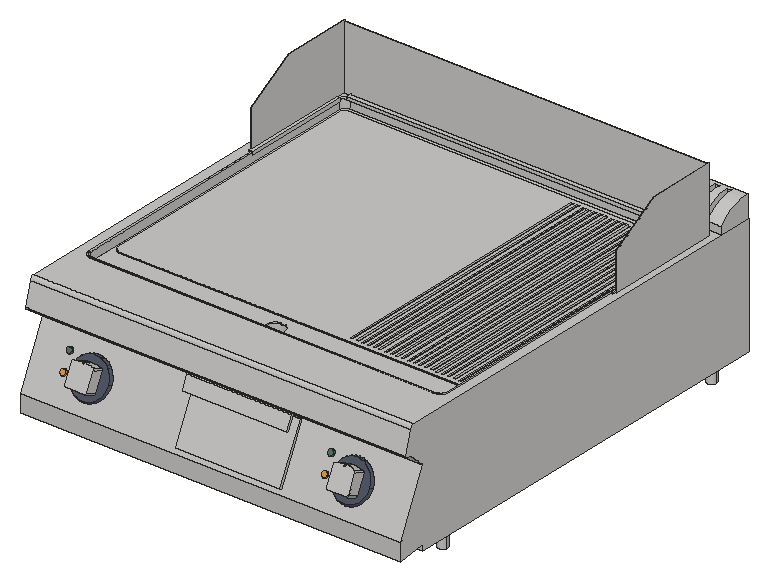
Revit family "QF_ZANUSSI_392358_Z9IIMDAOMEA", category Specialty Equipment, Revit 2018 (continued)
Automatic sketch dimensions
  plane 1 "BACK" to curve 134 = 6.761 mm
  plane 7 "Center Y" to curve 134 = 29.703 mm
  curve 132 to curve 132 = 9.296 mm
  curve 131 to curve 138 = 16.193 mm
  curve 135 to curve 137 = 9.296 mm
  curve 137 to curve 140 = 16.193 mm
  curve 141 to curve 142 = 9.296 mm
  plane 1 "BACK" to curve 146 = 6.761 mm
  curve 139 to curve 146 = 16.193 mm
  curve 144 to curve 144 = 9.296 mm
  plane 1 "BACK" to curve 149 = 6.761 mm
  curve 143 to curve 149 = 16.193 mm
  curve 148 to curve 148 = 9.296 mm
  plane 7 "Center Y" to curve 6 = 145 mm
  plane 1 "BACK" to curve 154 = 6.761 mm
  curve 147 to curve 154 = 16.193 mm
  curve 153 to curve 154 = 9.296 mm
  curve 151 to curve 130 = 16.143 mm
  curve 129 to curve 130 = 9.296 mm
  plane 1 "BACK" to curve 126 = 6.761 mm
  curve 127 to curve 126 = 16.193 mm
  curve 123 to curve 126 = 9.296 mm
  curve 124 to curve 119 = 16.193 mm
  curve 119 to curve 120 = 9.296 mm
  plane 5 "FRONT" to curve 183 = 9.347 mm
  curve 194 to curve 183 = 107 mm
  curve 183 to curve 184 = 0.809 mm
  curve 187 to curve 187 = 1.583 mm
  curve 184 to curve 185 = 1.846 mm
  curve 184 to curve 189 = 2.189 mm
  plane 1 "BACK" to curve 118 = 6.761 mm
  curve 121 to curve 118 = 16.193 mm
  curve 183 to curve 186 = 11.892 mm
  curve 115 to curve 117 = 9.296 mm
  curve 182 to plane 5 "FRONT" = 9.329 mm
  curve 187 to curve 182 = 20.417 mm
  curve 185 to curve 188 = 19.134 mm
  curve 188 to curve 179 = 1.738 mm
  curve 181 to curve 181 = 2 mm
  plane 1 "BACK" to curve 114 = 6.761 mm
  curve 117 to curve 114 = 16.193 mm
  curve 186 to curve 177 = 22.215 mm
  curve 111 to curve 112 = 9.296 mm
  curve 180 to curve 189 = 19.003 mm
  curve 176 to curve 176 = 0.343 mm
  curve 176 to curve 178 = 1.071 mm
  curve 176 to curve 175 = 2.189 mm
  curve 175 to curve 174 = 0.809 mm
  curve 112 to curve 108 = 16.193 mm
  curve 107 to curve 108 = 9.296 mm
  plane 1 "BACK" to curve 104 = 6.761 mm
  curve 109 to curve 104 = 16.193 mm
  curve 104 to curve 104 = 9.296 mm
  plane 14 to curve 17 = 31.03 mm
  plane 14 to curve 21 = 31.03 mm
  plane 1 "BACK" to curve 99 = 6.761 mm
  curve 103 to curve 99 = 16.193 mm
  plane 14 to curve 10 = 26.03 mm
  curve 21 to curve 14 = 5 mm
  curve 14 to curve 23 = 5 mm
  curve 14 to curve 69 = 5 mm
  curve 99 to curve 101 = 9.296 mm
  plane 14 to curve 34 = 14.514 mm
  plane 14 to curve 15 = 11.03 mm
  plane 14 to curve 27 = 4.442 mm
  curve 1 to plane 4 "RIGHT" = 100 mm
  plane 9 to curve 172 = 32.481 mm
  plane 9 to curve 188 = 32.481 mm
  curve 188 to curve 179 = 0 mm
  curve 163 to curve 172 = 0 mm
  plane 5 "FRONT" to curve 173 = 10.68 mm
  plane 5 "FRONT" to curve 189 = 10.68 mm
  curve 176 to curve 175 = 1.333 mm
  curve 173 to curve 168 = 1.333 mm
  curve 168 to curve 169 = 2.779 mm
  curve 175 to curve 176 = 2.779 mm
  curve 184 to curve 185 = 2.779 mm
  curve 159 to curve 160 = 2.779 mm
  curve 187 to plane 5 "FRONT" = 7.894 mm
  curve 178 to plane 5 "FRONT" = 7.894 mm
  curve 171 to plane 5 "FRONT" = 7.894 mm
  curve 162 to plane 5 "FRONT" = 7.894 mm
  curve 164 to curve 161 = 41.91 mm
  curve 180 to curve 177 = 41.91 mm
  curve 186 to curve 177 = 0 mm
  curve 161 to curve 170 = 0 mm
  curve 177 to curve 10 = 86.222 mm
  curve 94 to plane 5 "FRONT" = 171.264 mm
  curve 16 to curve 17 = 55 mm
  plane 8 "Center X" to curve 33 = 129.61 mm
  plane 8 "Center X" to curve 34 = 129.61 mm
  plane 1 "BACK" to curve 19 = 115.406 mm
  curve 14 to curve 21 = 2.133 mm
  curve 13 to curve 21 = 2.133 mm
  curve 14 to curve 31 = 1.998 mm
  curve 13 to curve 32 = 1.998 mm
  curve 32 to curve 29 = 9.827 mm
  curve 29 to curve 26 = 12.325 mm
  curve 120 to curve 115 = 57.15 mm
  curve 135 to curve 131 = 57.15 mm
  curve 120 to curve 117 = 0 mm
  curve 137 to curve 139 = 0 mm
  curve 131 to curve 135 = 0 mm
  curve 116 to curve 113 = 0 mm
  curve 139 to curve 143 = 0 mm
  curve 112 to curve 109 = 0 mm
  curve 143 to curve 147 = 0 mm
  curve 123 to curve 119 = 0 mm
  curve 108 to curve 106 = 0 mm
  curve 147 to curve 151 = 0 mm
  curve 28 to curve 101 = 19.479 mm
  curve 130 to curve 123 = 0 mm
  curve 92 to curve 92 = 57.15 mm
  curve 91 to curve 88 = 0 mm
  curve 87 to curve 84 = 0 mm
  curve 83 to curve 80 = 0 mm
  curve 79 to curve 77 = 0 mm
  curve 74 to curve 72 = 0 mm
  curve 68 to curve 90 = 0 mm
  curve 63 to curve 65 = 0 mm
  curve 59 to curve 62 = 0 mm
  curve 55 to curve 58 = 0 mm
  curve 51 to curve 54 = 0 mm
  curve 47 to curve 50 = 0 mm
  curve 44 to curve 46 = 0 mm
  curve 30 to curve 39 = 19.479 mm
  plane 1 "BACK" to curve 142 = 6.761 mm
  plane 1 "BACK" to curve 137 = 6.761 mm
  plane 1 "BACK" to curve 129 = 6.761 mm
  plane 1 "BACK" to curve 37 = 6.761 mm
  plane 1 "BACK" to curve 41 = 6.761 mm
  plane 1 "BACK" to curve 122 = 6.761 mm
  plane 1 "BACK" to curve 110 = 6.761 mm
  plane 1 "BACK" to curve 85 = 6.761 mm
  plane 1 "BACK" to curve 81 = 6.761 mm
  plane 1 "BACK" to curve 73 = 6.761 mm
  plane 1 "BACK" to curve 67 = 6.761 mm
  plane 1 "BACK" to curve 56 = 6.761 mm
  plane 1 "BACK" to curve 48 = 6.761 mm
  curve 2 to plane 1 "BACK" = 100 mm
  curve 13 to curve 32 = 3.351 mm
  curve 161 to curve 158 = 9.809 mm
  curve 163 to curve 162 = 0.284 mm
  curve 171 to curve 171 = 0.284 mm
  curve 167 to curve 170 = 9.809 mm
  curve 94 to plane 7 "Center Y" = 20 mm
  curve 143 to curve 238 = 4.907 mm
  curve 238 to curve 237 = 6 mm
  curve 237 to curve 197 = 6 mm
  curve 197 to curve 198 = 6 mm
  curve 198 to curve 199 = 6 mm
  curve 199 to curve 200 = 6 mm
  curve 200 to curve 201 = 6 mm
  curve 201 to curve 202 = 6 mm
  curve 202 to curve 203 = 6 mm
  curve 203 to curve 204 = 6 mm
  curve 204 to curve 205 = 6 mm
  curve 205 to curve 206 = 6 mm
  curve 206 to curve 207 = 6 mm
  curve 207 to curve 208 = 6 mm
  curve 208 to curve 209 = 6 mm
  curve 209 to curve 210 = 6 mm
  curve 210 to curve 211 = 6 mm
  curve 211 to curve 212 = 6 mm
  curve 212 to curve 213 = 6 mm
  curve 213 to curve 214 = 6 mm
  curve 214 to curve 215 = 6 mm
  curve 186 to curve 183 = 9.809 mm
  curve 215 to curve 216 = 6 mm
  curve 216 to curve 217 = 6 mm
  curve 188 to curve 187 = 0.284 mm
  curve 217 to curve 218 = 6 mm
  curve 218 to curve 219 = 6 mm
  curve 219 to curve 220 = 6 mm
  curve 220 to curve 221 = 6 mm
  curve 221 to curve 222 = 6 mm
  curve 222 to curve 223 = 6 mm
  curve 223 to curve 224 = 6 mm
  curve 178 to curve 179 = 0.284 mm
  curve 224 to curve 225 = 6 mm
  curve 225 to curve 226 = 6 mm
  curve 174 to curve 177 = 9.809 mm
  curve 226 to curve 227 = 6 mm
  curve 227 to curve 228 = 6 mm
  curve 228 to curve 229 = 6 mm
  curve 229 to curve 230 = 6 mm
  curve 230 to curve 231 = 6 mm
  curve 231 to curve 232 = 6 mm
  curve 232 to curve 233 = 6 mm
  curve 234 to curve 24 = 3.6 mm
  curve 24 to curve 235 = 2.4 mm
  curve 236 to curve 24 = 1.6 mm
  curve 31 to curve 96 = 3.351 mm
  curve 187 to curve 187 = 0.567 mm
  curve 171 to curve 171 = 0.567 mm
  curve 178 to curve 178 = 0.567 mm
  curve 162 to curve 162 = 0.567 mm
  curve 187 to curve 186 = 1.156 mm
  curve 24 to curve 223 = 1.133 mm
  curve 205 to curve 223 = 0 mm
  curve 203 to curve 205 = 0 mm
  curve 24 to curve 230 = 1.133 mm
  curve 205 to curve 206 = 0 mm  (x2)
  curve 223 to curve 224 = 0 mm  (x2)
  curve 222 to curve 223 = 0 mm
  curve 206 to curve 207 = 0 mm  (x2)
  curve 207 to curve 208 = 0 mm  (x2)
  curve 24 to curve 233 = 1.133 mm
  curve 208 to curve 209 = 0 mm  (x2)
  curve 224 to curve 225 = 0 mm
  curve 209 to curve 210 = 0 mm  (x2)
  curve 221 to curve 222 = 0 mm  (x2)
  curve 202 to curve 203 = 0 mm  (x2)
  curve 220 to curve 221 = 0 mm  (x2)
  curve 201 to curve 202 = 0 mm  (x2)
  curve 232 to curve 233 = 0 mm
  curve 219 to curve 220 = 0 mm  (x2)
  curve 200 to curve 201 = 0 mm
  curve 231 to curve 232 = 0 mm  (x2)
  curve 24 to curve 234 = 1.133 mm
  curve 218 to curve 219 = 0 mm  (x2)
  curve 225 to curve 226 = 0 mm  (x2)
  curve 24 to curve 235 = 1.133 mm
  curve 226 to curve 227 = 0 mm  (x2)
  curve 199 to curve 200 = 0 mm  (x2)
  curve 227 to curve 228 = 0 mm  (x2)
  curve 210 to curve 211 = 0 mm  (x2)
  curve 217 to curve 218 = 0 mm  (x2)
  curve 216 to curve 217 = 0 mm  (x2)
  curve 24 to curve 236 = 1.133 mm
  curve 229 to curve 230 = 0 mm  (x2)
  curve 198 to curve 199 = 0 mm
  curve 237 to curve 198 = 0 mm  (x2)
  curve 203 to curve 204 = 0 mm  (x2)
  curve 197 to curve 198 = 0 mm  (x2)
  curve 215 to curve 216 = 0 mm  (x2)
  curve 214 to curve 215 = 0 mm
  curve 238 to curve 237 = 0 mm  (x2)
  curve 211 to curve 212 = 0 mm  (x2)
  curve 213 to curve 214 = 0 mm  (x2)
  curve 211 to curve 124 = 52.495 mm
  curve 211 to curve 217 = 0 mm
  curve 236 to curve 23 = 1 mm
  curve 235 to curve 97 = 1 mm
  curve 234 to curve 97 = 1 mm
  curve 227 to curve 234 = 0 mm
  curve 237 to curve 148 = 52.495 mm
  curve 224 to curve 227 = 0 mm
  curve 237 to curve 203 = 0 mm
  curve 198 to curve 200 = 0 mm
  curve 212 to curve 213 = 0 mm
  curve 232 to curve 234 = 0 mm
  curve 228 to curve 230 = 0 mm
  curve 233 to curve 234 = 0 mm
  curve 26 to curve 155 = 13.54 mm
  radius of Extrusion 2 sketch curve = 9.525 mm  (x4)
  radius of Extrusion 11 sketch curve = 20 mm
  radius of Blend 21 sketch curve = 42.5 mm
  radius of Blend 21 sketch curve = 40.5 mm
  radius of Split face 1 sketch curve = 1.5 mm
  radius of Split face 2 sketch curve = 1.5 mm
  radius of Split face 3 sketch curve = 1.5 mm
  radius of Split face 4 sketch curve = 1.5 mm
  radius of Split face 5 sketch curve = 1.5 mm
  radius of Split face 6 sketch curve = 1.5 mm
  radius of Split face 7 sketch curve = 1.5 mm
  radius of Split face 8 sketch curve = 1.5 mm
  radius of Split face 9 sketch curve = 1.5 mm
  radius of Extrusion 25 sketch curve = 6 mm
  radius of Extrusion 26 sketch curve = 6 mm
  radius of Blend 27 sketch curve = 42.5 mm
  radius of Blend 27 sketch curve = 40.5 mm
  radius of Split face 10 sketch curve = 1.5 mm
  radius of Split face 11 sketch curve = 1.5 mm
  radius of Split face 12 sketch curve = 1.5 mm
  radius of Split face 13 sketch curve = 1.5 mm
  radius of Split face 14 sketch curve = 1.5 mm
  radius of Split face 15 sketch curve = 1.5 mm
  radius of Split face 16 sketch curve = 1.5 mm
  radius of Split face 17 sketch curve = 1.5 mm
  radius of Split face 18 sketch curve = 1.5 mm
  radius of Extrusion 31 sketch curve = 6 mm
  radius of Extrusion 32 sketch curve = 6 mm
  radius of Extrusion 8 sketch curve = 6.35 mm
Connectors
  electrical at (740, -584, 645)
    settings: on Extrusion 8, index 1, voltage 400 V, apparent load 15000 VA, apparent load phase1 0 VA, apparent load phase2 0 VA, apparent load phase3 0 VA, power factor 1, load classification "Other", number of poles 1, system type 30, power factor state 1, is connector primary yes, connector utility no, sub classification motor no, connector description "ELECTRICAL CONNECTION"
